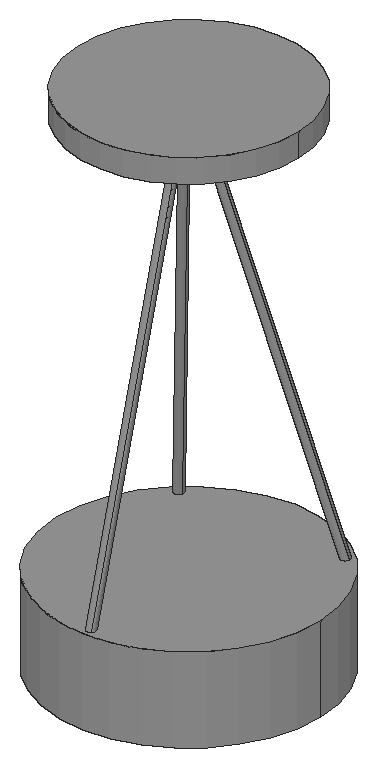
Revit family "METEOR_XS_26W_4000K_2080LM", category Lighting Fixtures, host Ceiling, Revit 2021
Family settings
  Host = Ceiling
  Round Connector Dimension = Use Diameter
  Part Type = Normal
  OmniClass Number = 23.80.70.11
  OmniClass Title = Luminaries for Internal Lighting
  Always vertical = Yes
  Cut with Voids When Loaded = No
  Light Source = Yes
  Shared = No
  Room Calculation Point = No
Parameters (values of type "Type 1")
  Wattage = 14.0028 W
  built-in parameter 1150110 = 1 (stored number, unit not read)
  Type de lampe = "LED Hongli"
  Type = "Plafonnier"
  built-in parameter 1114217 = 1 (stored number, unit not read)
  Tilt Angle = 90.00°
  built-in parameter 1150109 = 1 (stored number, unit not read)
  built-in parameter 1150134 = 12
  built-in parameter 1150113 = 1 (stored number, unit not read)
  Puissance nominale = "26W"
  Photometric Web File = "google_eulumdat_converter (22).ies"
  Matériau = "Corps en métal"
  Lumens = 2080 lm
  built-in parameter 1150115 = 1 (stored number, unit not read)
  built-in parameter 1150105 = 165.52 (stored number, unit not read)
  built-in parameter 1150137 = (empty or 0)
  built-in parameter 1150139 = (empty or 0)
  built-in parameter 1150112 = 1 (stored number, unit not read)
  built-in parameter 1150114 = 1 (stored number, unit not read)
  built-in parameter 1150132 = 2
  built-in parameter 1150102 = (empty or 0)
  built-in parameter 1150138 = (empty or 0)
  built-in parameter 1150107 = 4000 (stored number, unit not read)
  built-in parameter 1150106 = 1.6552 (stored number, unit not read)
  IRC = ">80"
  Fintion = "Blanc"
  built-in parameter 1150104 = 13.8 (stored number, unit not read)
  Driver = "Lifud No Flicker"
  Dimming Lamp Color Temperature Shift = <None>
  Dimensions = "Ø300 mm, H : 98 mm"
  Diffuseur = "Acrylique"
  Default Elevation = 0 mm
  Color Filter = 16777215
  built-in parameter 1114218 = 1 (stored number, unit not read)
  built-in parameter 1150133 = 10 (stored number, unit not read)
  Angle d'éclairage = "120°"
  Alimentation luminaire = "700mA / 25-42V dc"
  Alimentation Driver = "AC 220-240V"
Reference planes
  plane 1 "Light Source Axis (F/B)": y = 0
  plane 2: z = 0
  plane 3 "Light Source Axis (L/R)": x = 0
  plane 4 "Ceiling": z = 4000
  plane 5 "Light Source Elevation": z = 3411.095
Forms (mm)
  Extrusion 1, solid, material "Metal, Paint Finish, White, Matte"
    sketch origin (0, 0, 4000) x (0, 1, 0) y (-1, 0, 0)
      loop
        circle (0, 0) r 125
    from 0 to -27
  Extrusion 2, solid, material "Metal, Paint Finish, White, Matte"
    sketch origin (0, 0, 4000) x (0, 1, 0) y (-1, 0, 0)
      loop
        circle (0, 0) r 150
    from -587 to -489
  Extrusion 3, void
    sketch origin (0, 0, 4000) x (0, 1, 0) y (-1, 0, 0)
      loop
        circle (0, 0) r 145
    from -678.449 to -509.32
  Extrusion 4, solid, material "Glass, White, High Luminance"
    sketch origin (0, 0, 4000) x (0, 1, 0) y (-1, 0, 0)
      loop
        circle (0, 0) r 145
    from -587 to -582.901
  Blend 5, solid, material "Metal, Paint Finish, White, Matte"
    base sketch origin (45.529, -51.22, 4000) x (0, 1, 0) y (-1, 0, 0)
      loop
        circle (155.393, 140.306) r 5
    top sketch origin (45.529, -51.22, 4000) x (0, 1, 0) y (-1, 0, 0)
      loop
        circle (55.742, 54.078) r 5
    from -489 to -27
  Blend 6, solid, material "Metal, Paint Finish, White, Matte"
    base sketch origin (-44.817, -52.643, 4000) x (0, -1, 0) y (1, 0, 0)
      loop
        circle (-155.393, 140.306) r 5
    top sketch origin (-44.817, -52.643, 4000) x (0, -1, 0) y (1, 0, 0)
      loop
        circle (-55.742, 54.078) r 5
    from -489 to -27
  Blend 7, solid, material "Metal, Paint Finish, White, Matte"
    base sketch origin (-6.565, 70.03, 4000) x (-0.645234, -0.763985, 0) y (0.763985, -0.645234, 0)
      loop
        circle (155.393, 140.306) r 5
    top sketch origin (-6.565, 70.03, 4000) x (-0.645234, -0.763985, 0) y (0.763985, -0.645234, 0)
      loop
        circle (55.742, 54.078) r 5
    from -489 to -27
Cuts and joins
  Extrusion 3 cuts Extrusion 2
Lines and regions (mm)
  reference lines
    curve 1: line (0, 0, 4000) -> (0, 0, 3973)
    curve 2: line (0, 0, 3973) -> (-40, 0, 3973)
    curve 3: line (0, 0, 3413) -> (0, 0, 3511)
    curve 4: line (0, 0, 4000) -> (114.907, -96.418, 4000)
Dimensions and locks
  equal spacing: host sketch curve, plane 3 "Light Source Axis (L/R)", host sketch curve
  equal spacing: host sketch curve, plane 1 "Light Source Axis (F/B)", host sketch curve
  host sketch curve to host sketch curve = 4000 mm  (x2)
  plane 4 "Ceiling" to host ceiling = 0 mm
  aligned and locked: plane 5 "Light Source Elevation" to imposter light
